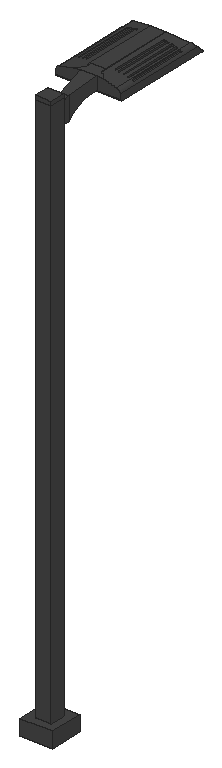
Revit family "ALT96", category Lighting Fixtures, Revit 2014
Parameters (values of type "ALT96")
  Width = 14.00"
  Wattage Comments = "104w"
  Voltage = 120 V
  URL = "https://www.hubbell.com/kimlighting/en"
  Type Comments = "Lighting Fixture"  # constant formula
  Series = "Altitude"  # constant formula
  Product Page URL = "https://www.hubbell.com/kimlighting/en/Products/Lighting-Controls/Commercial-Outdoor-Lighting/Area-Site-Roadway/Altitude/p/248453"
  Product Documentation Link = "https://hubbellcdn.com/specsheet/kl_alt96_spec.pdf"
  Power Factor = 1
  Pole Width = 4.00"
  Pole Height [instance] = 150.00"
  Pole = yes
  Photometric Web Link = "https://www.hubbell.com/kimlighting/en/Products/Lighting-Controls/Commercial-Outdoor-Lighting/Area-Site-Roadway/Altitude/p/248453#prod-photometry-section"
  Photometric Notes = "More IES files download on Photometric Web Link"  # constant formula
  Offset From Pole = 6.12"
  Number of Poles = 1
  Model = "ALT96"
  Manufacturer = "KIM Lighting"  # constant formula
  Light source [instance] = Pole Height - 3.50"  # 146.50"
  Lens = Glass - Hubbell -  Lens
  Lamp = "default"
  LED = Powder Coat-Kim-Platinum Silver
  Fixture Height = 7.50"
  Finish = Plastic - Hubbell - Black
  Description = "The ALTITUDE® is the ultimate in luminaire design innovation with a unique balance of form, engineering and superior optics. The low-profile housing is proportional and scalable with three sizes to cover more pedestrian/site/roadway environments than ever before. The result is an architecturally relevant luminaire of unsurpassed quality and flexibility that maximizes the power and performance."  # constant formula
  Depth = 18.44"
  Color Temperature = 0 K
  Certifications = "UL Listed"
  Center Width = 3.00"
  Assembly Code = "D5020200"
  Apparent Load = 104 VA
Reference planes (in)
  plane 1 "Light Source Axis (F/B)": y = 0
  plane 2: z = 0
  plane 3 "Light Source Axis (L/R)": x = 1.5
  plane 4 "Light Source Elevation": z = 146.5
  plane 5 "Back": y = -15.34
Dimensions and locks (in)
  "Light source": plane 4 "Light Source Elevation" to plane 2
  aligned and locked: nested 1 to plane 3 "Light Source Axis (L/R)"
  aligned and locked: nested 1 to plane 5 "Back"
  aligned and locked: plane 4 "Light Source Elevation" to nested 2
Nested families (in)
  nested 1: "Kim_Lighting-Square_Pole" at (1.5, -17.34, 0) x (-1, 0, 0) z (0, 0, 1), visible <- "Pole", type "Kim_Lighting-Square_Pole"
    with Width 4.00", Height 150.00", Base Cover 8.625"
  nested 2: "ALT" at (0.24657, -15.34, 142.58501) x (-1, 0, 0) z (0, 1, 0), type "ALT"
Connectors (in)
  electrical at (1.5, -15.34, 18), driven by "Power Factor", driven by "Apparent Load", driven by "Apparent Load", driven by "Voltage", driven by "Number of Poles"
    settings: on nested 1, index 1, voltage 120 V, apparent load 104 VA, apparent load phase1 104 VA, apparent load phase2 0 VA, apparent load phase3 0 VA, power factor 1, load classification "Lighting", number of poles 1, system type 30, power factor state 1, is connector primary yes, connector utility no, sub classification motor no, connector description "Lighting Connector"
Definition of nested family "Kim_Lighting-Square_Pole"
  Parameters
    Width = 5.00"
    URL = "http://www.kimlighting.com/"
    Type Comments = "Non-Tapered Pole"
    Model = "Square Pole"  # constant formula
    Manufacturer = "KIM Lighting"  # constant formula
    Height = 240.00"
    Finish = none
    Base Cover = if(Width = 5.00", 12.625", 8.625")  # 12.625"
  Reference planes (in)
    plane 1 "Center (Front/Back)": y = 0
    plane 2: z = 0
    plane 3 "Center (Left/Right)": x = 0
    plane 4 "Front": y = -2.5
    plane 5 "Left": x = -2.5
    plane 6 "Right": x = 2.5
    plane 7 "Back": y = 2.5
    plane 8 "Top": z = 240
    plane 9: x = -6.3125
    plane 10: x = 6.3125
    plane 11: y = 6.3125
    plane 12: y = -6.3125
    plane 13: z = 18
  Forms (in)
    Extrusion 1, solid, material <- "Finish"
      sketch origin (0, 0, 0) x (1, 0, 0) y (0, 1, 0)
        loop
          line (-2.5, -2.5) -> (2.5, -2.5) -> (2.5, 2.5) -> (-2.5, 2.5) -> (-2.5, -2.5)
      from 0 to 240
    Extrusion 2, solid, material <- "Finish", detail levels medium+fine
      sketch origin (0, 0, 0) x (1, 0, 0) y (0, 1, 0)
        loop
          line (-6.3125, -6.3125) -> (6.3125, -6.3125) -> (6.3125, 6.3125) -> (-6.3125, 6.3125) -> (-6.3125, -6.3125)
        loop
          line (-2.5, -2.5) -> (2.5, -2.5) -> (2.5, 2.5) -> (-2.5, 2.5) -> (-2.5, -2.5)
      from 0 to 4
    Extrusion 3, solid, material <- "Finish", detail levels fine
      sketch origin (0, 0, 0) x (1, 0, 0) y (0, 0, 1)
        loop
          line (-1.5, 15) -> (1.5, 15) -> (1.5, 21) -> (-1.5, 21) -> (-1.5, 15)
      from 2.5 to 2.5625
    Extrusion 4, solid, material <- "Finish", detail levels fine
      sketch origin (0, 0, 240) x (-1, 0, 0) y (0, -1, 0)
        loop
          line (2.5625, 2.5625) -> (-2.5625, 2.5625) -> (-2.5625, -2.5625) -> (2.5625, -2.5625) -> (2.5625, 2.5625)
      from 0.10394 to -0.89606
  Lines and regions (in)
    Masking region 1
      outline origin (0, 0, 0) x (1, 0, 0) y (0, 0, 1)
        loop
          line (-2.5, 0) -> (2.5, 0) -> (2.5, 240) -> (-2.5, 240) -> (-2.5, 0)
    Masking region 2, detail levels medium+fine
      outline origin (0, 0, 0) x (1, 0, 0) y (0, 0, 1)
        loop
          line (-6.3125, 0) -> (6.3125, 0) -> (6.3125, 4) -> (-6.3125, 4) -> (-6.3125, 0)
    Masking region 3, detail levels fine
      outline origin (0, 0, 0) x (1, 0, 0) y (0, 0, 1)
        loop
          line (-2.5625, 239.10394) -> (2.5625, 239.10394) -> (2.5625, 240.10394) -> (-2.5625, 240.10394) -> (-2.5625, 239.10394)
    Masking region 4
      outline origin (0, 0, 0) x (0, 1, 0) y (0, 0, 1)
        loop
          line (2.5, 0) -> (2.5, 240) -> (-2.5, 240) -> (-2.5, 0) -> (2.5, 0)
    Masking region 5, detail levels medium+fine
      outline origin (0, 0, 0) x (0, 1, 0) y (0, 0, 1)
        loop
          line (6.3125, 0) -> (6.3125, 4) -> (-6.3125, 4) -> (-6.3125, 0) -> (6.3125, 0)
    Masking region 6, detail levels fine
      outline origin (0, 0, 0) x (0, 1, 0) y (0, 0, 1)
        loop
          line (2.5625, 239.10394) -> (2.5625, 240.10394) -> (-2.5625, 240.10394) -> (-2.5625, 239.10394) -> (2.5625, 239.10394)
    Masking region 7, detail levels medium+fine
      outline origin (0, 0, 0) x (1, 0, 0) y (0, 1, 0)
        loop
          line (-6.3125, -6.3125) -> (6.3125, -6.3125) -> (6.3125, 6.3125) -> (-6.3125, 6.3125) -> (-6.3125, -6.3125)
        loop
          line (-2.5, -2.5) -> (2.5, -2.5) -> (2.5, 2.5) -> (-2.5, 2.5) -> (-2.5, -2.5)
    Masking region 8
      outline origin (0, 0, 0) x (1, 0, 0) y (0, 1, 0)
        loop
          line (-2.5, -2.5) -> (2.5, -2.5) -> (2.5, 2.5) -> (-2.5, 2.5) -> (-2.5, -2.5)
    symbolic lines, detail levels fine
      curve 1: line (-1.5, 0, 15) -> (1.5, 0, 15)
      curve 2: line (-1.5, 0, 21) -> (-1.5, 0, 15)
      curve 3: line (1.5, 0, 21) -> (-1.5, 0, 21)
      curve 4: line (1.5, 0, 15) -> (1.5, 0, 21)
  Dimensions and locks (in)
    equal spacing: plane 7 "Back", plane 1 "Center (Front/Back)", plane 4 "Front"
    equal spacing: plane 5 "Left", plane 3 "Center (Left/Right)", plane 6 "Right"
    "Width": plane 7 "Back" to plane 4 "Front"
    "Width": plane 5 "Left" to plane 6 "Right"
    plane 3 "Center (Left/Right)" to Extrusion 1 = 2.50"
    "Height": plane 8 "Top" to level
    equal spacing: plane 11, plane 1 "Center (Front/Back)", plane 12
    "Base Cover": plane 11 to plane 12
    equal spacing: plane 9, plane 3 "Center (Left/Right)", plane 10
    "Base Cover": plane 9 to plane 10
    locked: Extrusion 2 to level at 4
    locked: plane 13 to level at 18
    Extrusion 3 sketch curve to plane 13 to Extrusion 3 sketch curve = 3.00" locked, 3.00" locked
    Extrusion 3 sketch curve to plane 3 "Center (Left/Right)" to Extrusion 3 sketch curve = 1.50" locked, 1.50" locked
    locked: plane 4 "Front" to Extrusion 3 at 0.0625
    Extrusion 4 to plane 8 "Top" to Extrusion 4 = 0.10394" locked, 0.89606" locked
    aligned and locked: plane 5 "Left" to Extrusion 1 sketch curve
    aligned and locked: Extrusion 1 sketch curve to plane 4 "Front"
    aligned and locked: plane 7 "Back" to Extrusion 1 sketch curve
    aligned and locked: Extrusion 1 sketch curve to plane 6 "Right"
    aligned and locked: plane 8 "Top" to Extrusion 1
    aligned and locked: plane 9 to Extrusion 2 sketch curve
    aligned and locked: Extrusion 2 sketch curve to plane 12
    aligned and locked: plane 11 to Extrusion 2 sketch curve
    aligned and locked: Extrusion 2 sketch curve to plane 10
    aligned and locked: Extrusion 1 to Extrusion 2 sketch curve
    aligned and locked: Extrusion 2 sketch curve to Extrusion 1  (x3)
    aligned and locked: plane 4 "Front" to Extrusion 3
    aligned: plane 8 "Top" to Extrusion 4
    aligned and locked: Masking region 1 sketch curve to Extrusion 1  (x2)
    aligned and locked: plane 8 "Top" to Masking region 1 sketch curve
    aligned and locked: Masking region 1 sketch curve to plane 6 "Right"
    aligned and locked: Masking region 2 sketch curve to Extrusion 2  (x2)
    aligned and locked: Extrusion 2 to Masking region 2 sketch curve
    aligned and locked: Masking region 2 sketch curve to plane 10
    aligned and locked: Extrusion 3 to curve 1
    aligned and locked: curve 1 to Extrusion 3
    aligned and locked: curve 4 to Extrusion 3  (x2)
    aligned and locked: Masking region 3 sketch curve to Extrusion 4  (x3)
    aligned and locked: Extrusion 4 to Masking region 3 sketch curve
    aligned and locked: Masking region 4 sketch curve to Extrusion 1  (x3)
    aligned and locked: Extrusion 1 to Masking region 4 sketch curve
    aligned and locked: Masking region 5 sketch curve to Extrusion 2  (x3)
    aligned and locked: Extrusion 2 to Masking region 5 sketch curve
    aligned and locked: Masking region 6 sketch curve to Extrusion 4  (x3)
    aligned and locked: Extrusion 4 to Masking region 6 sketch curve
    aligned and locked: Extrusion 2 to Masking region 7 sketch curve
    aligned and locked: Masking region 7 sketch curve to Extrusion 2  (x3)
    aligned and locked: Extrusion 1 to Masking region 8 sketch curve
    aligned and locked: Masking region 8 sketch curve to Extrusion 1  (x3)
    aligned and locked: Extrusion 1 to Masking region 7 sketch curve
    aligned and locked: Masking region 7 sketch curve to Extrusion 1  (x3)
  Automatic sketch dimensions
    Extrusion 4 sketch curve to plane 6 "Right" = 0.0625"
    plane 5 "Left" to Extrusion 4 sketch curve = 0.0625"
    plane 7 "Back" to Extrusion 4 sketch curve = 0.0625"
    Extrusion 4 sketch curve to plane 4 "Front" = 0.0625"
Definition of nested family "ALT"
  Parameters (values of type "ALT")
    Wattage Comments = "70W"
    Wattage = 118 W
    built-in parameter 1150110 = 1 (stored number, unit not read)
    Voltage = 120 V
    URL = "http://www.kimlighting.com/"
    built-in parameter 1114217 = 1 (stored number, unit not read)
    Tilt Angle = 0.00°
    built-in parameter 1150109 = 1 (stored number, unit not read)
    built-in parameter 1150134 = 3
    built-in parameter 1150113 = 1 (stored number, unit not read)
    Product Page URL = "http://www.kimlighting.com/products/altitude/"
    Product Documentation Link = "http://cdn.kimlighting.com/content/products/psg/psg_files/kim_alt_psg.pdf"
    Photometric Web File = "ALT1P35-96L4K.ies"
    Model = "ALT"  # constant formula
    Manufacturer = "Kim Lighting"  # constant formula
    built-in parameter 1150105 = 976.57 (stored number, unit not read)
    Lumens = 12272 lm
    built-in parameter 1150115 = 1 (stored number, unit not read)
    Load Classification = Lighting
    built-in parameter 1150137 = (empty or 0)
    built-in parameter 1150139 = (empty or 0)
    built-in parameter 1150112 = 1 (stored number, unit not read)
    built-in parameter 1150114 = 1 (stored number, unit not read)
    Lamp = " 60 LEDs"  # constant formula
    LED Driver = none
    built-in parameter 1150132 = (empty or 0)
    built-in parameter 1150102 = (empty or 0)
    built-in parameter 1150107 = 3200 (stored number, unit not read)
    built-in parameter 1150138 = (empty or 0)
    built-in parameter 1150106 = 9.7657 (stored number, unit not read)
    Glass Material = Glass - Hubbell -  Lens
    Glass = Glass - Hubbell -  Lens
    built-in parameter 1150104 = 9.6619 (stored number, unit not read)
    Dimming Lamp Color Temperature Shift = (empty or 0)
    Description = "The ultimate in LED luminaire design featuring innovative engineering, thermal management and unique patented1 PicoPrism optics"  # constant formula
    Default Elevation = 48.00"
    Connector Description = "Lighting"  # constant formula
    Color Filter = 16777215
    built-in parameter 1114218 = 1 (stored number, unit not read)
    Backbox = Plastic - Hubbell - Black
    built-in parameter 1150133 = 10 (stored number, unit not read)
    Apparent Load = 0 VA
  Reference planes (in)
    plane 1 "Center (Front/Back)": y = 0.03999
    plane 2: z = 0
    plane 3 "Center (Left/Right)": x = -2.04767
    plane 4: y = 3.91499
    plane 5: y = 8.03999
    plane 6: z = 2
    plane 7: z = 9.75
    plane 8: x = 6.45233
    plane 9: x = -10.54767
    plane 10: x = -9.54767
    plane 11: x = 5.45233
    plane 12: y = 4.41499
    plane 13: z = 21.375
    plane 14: z = 36.5
  Forms (in)
    Extrusion 1, solid
      sketch origin (0, 0, 0.06357) x (1, 0, 0) y (0, 1, 0)
        loop
          line (-48, 48) -> (-48, -48) -> (44.30817, -48) -> (44.30817, 48) -> (-48, 48)
      from -0.06357 to -6.74357
    Extrusion 2, solid, material "Plastic - Hubbell - Black" <- "Backbox"
      sketch origin (-2.04767, 0, 0) x (0, 1, 0) y (0, 0, 1)
        loop
          line (3.91499, 10.1309) -> (4.2959, 9.75) -> (7.67966, 9.75)
          arc (7.67966, 9.75) -> (7.87824, 11.2487) -> (8.038, 12.75203) r 58.45778
          line (8.038, 12.75203) -> (8.038, 32.5738) -> (4.21269, 36.40109)
          arc (4.21269, 36.40109) -> (4.02265, 36.43893) -> (3.91499, 36.27783) r 0.17437
          line (3.91499, 36.27783) -> (3.91499, 10.1309)
      from -8.5 to 8.5
    Extrusion 3, solid, material "Plastic - Hubbell - Black" <- "Backbox"
      sketch origin (-2.04767, 0, 0) x (0, 1, 0) y (0, 0, 1)
        loop
          arc (6.00731, 2) -> (6.97503, 5.84662) -> (7.67966, 9.75) r 58.45778
          line (7.67966, 9.75) -> (4.2959, 9.75)
          arc (4.2959, 9.75) -> (2.99944, 5.41838) -> (0.03999, 2) r 10.77544
          line (0.03999, 2) -> (6.00731, 2)
      from -8.5 to 8.5
    Extrusion 4, solid, material "Plastic - Hubbell - Black" <- "Backbox"
      sketch origin (-2.04767, 0, 0) x (0, 1, 0) y (0, 0, 1)
        loop
          arc (5.39238, 0) -> (5.7088, 0.99725) -> (6.00731, 2) r 58.45778
          line (6.00731, 2) -> (0.03999, 2) -> (0.03999, 0) -> (5.39238, 0)
      from -8.5 to 8.5
    Extrusion 5, void
      sketch origin (0, 0.03999, 0) x (1, 0, 0) y (0, 0, 1)
        loop
          line (0.04152, 9.75) -> (-1.04767, 2) -> (-1.04767, 0) -> (6.45233, 0) -> (6.45233, 9.75) -> (0.04152, 9.75)
        loop
          line (-4.13686, 9.75) -> (-10.54767, 9.75) -> (-10.54767, 0) -> (-3.04767, 0) -> (-3.04767, 2) -> (-4.13686, 9.75)
      from -8 to 0
    Extrusion 6, void
      sketch origin (0, 0, 0) x (1, 0, 0) y (0, 1, 0)
        loop
          line (-4.04767, 8.038) -> (-10.54767, 8.038) -> (-10.54767, 5.675)
          arc (-10.54767, 5.675) -> (-10.1797, 6.43107) -> (-9.4648, 6.87375) r 1.51236
          arc (-9.4648, 6.87375) -> (-6.7777, 7.50774) -> (-4.04767, 7.91937) r 33.65722
          line (-4.04767, 7.91937) -> (-4.04767, 8.038)
        loop
          line (-0.04767, 8.038) -> (-0.04767, 7.91937)
          arc (-0.04767, 7.91937) -> (2.68236, 7.50774) -> (5.36946, 6.87375) r 33.65722
          arc (5.36946, 6.87375) -> (6.08435, 6.43107) -> (6.45233, 5.675) r 1.51236
          line (6.45233, 5.675) -> (6.45233, 8.038) -> (-0.04767, 8.038)
      from 9.75 to 36.51226
    Extrusion 7, void
      sketch origin (0, 0.03999, 0) x (1, 0, 0) y (0, 0, 1)
        loop
          line (5.45233, 29) -> (-9.54767, 29) -> (-9.54767, 17.00203) -> (5.45233, 17.00203) -> (5.45233, 29)
      from -5.63501 to -3.875
    Extrusion 8, solid, material "Glass - Hubbell -  Lens" <- "Glass"
      sketch origin (-2.04767, 0, 0) x (0, 1, 0) y (0, 0, 1)
        loop
          line (3.91499, 17.00203) -> (4.41499, 17.00203) -> (4.41499, 29) -> (3.91499, 29) -> (3.91499, 17.00203)
      from -7.5 to 7.5
    Extrusion 9, void
      sketch origin (-1.66774, 0.40583, 0) x (0.98729, -0.158926, 0) y (0, 0, 1)
        loop
          line (3.6681, 30.15381) -> (3.1681, 30.15381) -> (3.1681, 14.40381) -> (3.6681, 14.40381) -> (3.6681, 30.15381)
        loop
          line (4.7931, 30.15381) -> (4.2931, 30.15381) -> (4.2931, 14.40381) -> (4.7931, 14.40381) -> (4.7931, 30.15381)
        loop
          line (6.0431, 30.15381) -> (5.5431, 30.15381) -> (5.5431, 14.40381) -> (6.0431, 14.40381) -> (6.0431, 30.15381)
        loop
          line (7.1681, 30.15381) -> (6.6681, 30.15381) -> (6.6681, 14.40381) -> (7.1681, 14.40381) -> (7.1681, 30.15381)
        loop
          line (2.6681, 30.15381) -> (2.1681, 30.15381) -> (2.1681, 14.40381) -> (2.6681, 14.40381) -> (2.6681, 30.15381)
      from -7.99801 to -7.24417
    Extrusion 10, void
      sketch origin (-2.4276, 0.40583, 0) x (-0.98729, -0.158926, 0) y (0, 0, -1)
        loop
          line (3.2306, -30.15381) -> (3.2306, -14.40381) -> (2.7306, -14.40381) -> (2.7306, -30.15381) -> (3.2306, -30.15381)
        loop
          line (4.3556, -30.15381) -> (4.3556, -14.40381) -> (3.8556, -14.40381) -> (3.8556, -30.15381) -> (4.3556, -30.15381)
        loop
          line (5.6056, -30.15381) -> (5.6056, -14.40381) -> (5.1056, -14.40381) -> (5.1056, -30.15381) -> (5.6056, -30.15381)
        loop
          line (6.7306, -30.15381) -> (6.7306, -14.40381) -> (6.2306, -14.40381) -> (6.2306, -30.15381) -> (6.7306, -30.15381)
        loop
          line (2.2306, -30.15381) -> (2.2306, -14.40381) -> (1.7306, -14.40381) -> (1.7306, -30.15381) -> (2.2306, -30.15381)
      from -7.99801 to -7.24417
    Extrusion 11, solid, material <- "LED Driver"
      sketch origin (2.97397, -179.89764, 24.01642) x (0, 0, -1) y (0, -1, 0)
        loop
          line (6.05585, -185.56694) -> (7.01439, -185.56694)
          arc (7.01439, -185.56694) -> (6.96846, -185.03619) -> (6.75322, -184.54888) r 1.62363
          line (6.75322, -184.54888) -> (5.5006, -184.54888)
          arc (5.5006, -184.54888) -> (5.87786, -185.00357) -> (6.05585, -185.56694) r 1.53777
      from 1.98786 to 4.1619
    Extrusion 12, solid, material "Glass - Hubbell -  Lens" <- "Glass Material"
      sketch origin (-4.59746, -172.92664, 69.64877) x (-0.000372, 0.978148, -0.207911) y (-0.999998, 0, 0.001789)
        loop
          line (184.54888, -5.42074) -> (184.54888, -4.67074) -> (184.41762, -4.80201) -> (184.32071, -4.70511)
          arc (184.32071, -4.70511) -> (184.26716, -5.04574) -> (184.32071, -5.38637) r 1.11021
          line (184.32071, -5.38637) -> (184.41762, -5.28947) -> (184.54888, -5.42074)
        loop
          line (184.54888, -3.8381) -> (184.41038, -3.9766) -> (184.30814, -3.87436)
          arc (184.30814, -3.87436) -> (184.25164, -4.23376) -> (184.30814, -4.59316) r 1.17138
          line (184.30814, -4.59316) -> (184.41038, -4.49092) -> (184.54888, -4.62942) -> (184.54888, -3.8381)
      from -14.15361 to -13.40215
    Extrusion 13, solid, material <- "LED Driver"
      sketch origin (5.398, -179.89764, 24.01642) x (0, 0, -1) y (0, -1, 0)
        loop
          line (6.05585, -185.56694) -> (7.01439, -185.56694)
          arc (7.01439, -185.56694) -> (6.96846, -185.03619) -> (6.75322, -184.54888) r 1.62363
          line (6.75322, -184.54888) -> (5.5006, -184.54888)
          arc (5.5006, -184.54888) -> (5.87786, -185.00357) -> (6.05585, -185.56694) r 1.53777
      from 1.98786 to 4.1619
    Extrusion 14, solid, material "Glass - Hubbell -  Lens" <- "Glass Material"
      sketch origin (-2.17342, -172.92664, 69.64877) x (-0.000372, 0.978148, -0.207911) y (-0.999998, 0, 0.001789)
        loop
          line (184.54888, -5.42074) -> (184.54888, -4.67074) -> (184.41762, -4.80201) -> (184.32071, -4.70511)
          arc (184.32071, -4.70511) -> (184.26716, -5.04574) -> (184.32071, -5.38637) r 1.11021
          line (184.32071, -5.38637) -> (184.41762, -5.28947) -> (184.54888, -5.42074)
        loop
          line (184.54888, -3.8381) -> (184.41038, -3.9766) -> (184.30814, -3.87436)
          arc (184.30814, -3.87436) -> (184.25164, -4.23376) -> (184.30814, -4.59316) r 1.17138
          line (184.30814, -4.59316) -> (184.41038, -4.49092) -> (184.54888, -4.62942) -> (184.54888, -3.8381)
      from -14.15361 to -13.40215
    Extrusion 15, solid, material <- "LED Driver"
      sketch origin (-3.98262, -179.89764, 25.8006) x (0.866025, 0, -0.5) y (0, -1, 0)
        loop
          line (6.05585, -185.56694) -> (7.01439, -185.56694)
          arc (7.01439, -185.56694) -> (6.96846, -185.03619) -> (6.75322, -184.54888) r 1.62363
          line (6.75322, -184.54888) -> (5.5006, -184.54888)
          arc (5.5006, -184.54888) -> (5.87786, -185.00357) -> (6.05585, -185.56694) r 1.53777
      from 1.98786 to 4.1619
    Extrusion 16, solid, material "Glass - Hubbell -  Lens" <- "Glass Material"
      sketch origin (-47.28711, -172.92664, 42.05973) x (0.179871, 0.978148, -0.104278) y (-0.501549, 0, -0.865129)
        loop
          line (184.54888, -5.42074) -> (184.54888, -4.67074) -> (184.41762, -4.80201) -> (184.32071, -4.70511)
          arc (184.32071, -4.70511) -> (184.26716, -5.04574) -> (184.32071, -5.38637) r 1.11021
          line (184.32071, -5.38637) -> (184.41762, -5.28947) -> (184.54888, -5.42074)
        loop
          line (184.54888, -3.8381) -> (184.41038, -3.9766) -> (184.30814, -3.87436)
          arc (184.30814, -3.87436) -> (184.25164, -4.23376) -> (184.30814, -4.59316) r 1.17138
          line (184.30814, -4.59316) -> (184.41038, -4.49092) -> (184.54888, -4.62942) -> (184.54888, -3.8381)
      from -14.15361 to -13.40215
    Extrusion 17, solid, material <- "LED Driver"
      sketch origin (-3.01782, -179.89764, 27.90086) x (0.866025, 0, -0.5) y (0, -1, 0)
        loop
          line (6.05585, -185.56694) -> (7.01439, -185.56694)
          arc (7.01439, -185.56694) -> (6.96846, -185.03619) -> (6.75322, -184.54888) r 1.62363
          line (6.75322, -184.54888) -> (5.5006, -184.54888)
          arc (5.5006, -184.54888) -> (5.87786, -185.00357) -> (6.05585, -185.56694) r 1.53777
      from 1.98786 to 4.1619
    Extrusion 18, solid, material "Glass - Hubbell -  Lens" <- "Glass Material"
      sketch origin (-46.32231, -172.92664, 44.15999) x (0.179871, 0.978148, -0.104278) y (-0.501549, 0, -0.865129)
        loop
          line (184.54888, -5.42074) -> (184.54888, -4.67074) -> (184.41762, -4.80201) -> (184.32071, -4.70511)
          arc (184.32071, -4.70511) -> (184.26716, -5.04574) -> (184.32071, -5.38637) r 1.11021
          line (184.32071, -5.38637) -> (184.41762, -5.28947) -> (184.54888, -5.42074)
        loop
          line (184.54888, -3.8381) -> (184.41038, -3.9766) -> (184.30814, -3.87436)
          arc (184.30814, -3.87436) -> (184.25164, -4.23376) -> (184.30814, -4.59316) r 1.17138
          line (184.30814, -4.59316) -> (184.41038, -4.49092) -> (184.54888, -4.62942) -> (184.54888, -3.8381)
      from -14.15361 to -13.40215
    Extrusion 19, solid, material <- "LED Driver"
      sketch origin (-1.51501, -179.89764, 27.01646) x (0.866025, 0, -0.5) y (0, -1, 0)
        loop
          line (6.05585, -185.56694) -> (7.01439, -185.56694)
          arc (7.01439, -185.56694) -> (6.96846, -185.03619) -> (6.75322, -184.54888) r 1.62363
          line (6.75322, -184.54888) -> (5.5006, -184.54888)
          arc (5.5006, -184.54888) -> (5.87786, -185.00357) -> (6.05585, -185.56694) r 1.53777
      from 1.98786 to 4.1619
    Extrusion 20, solid, material "Glass - Hubbell -  Lens" <- "Glass Material"
      sketch origin (-44.8195, -172.92664, 43.27559) x (0.179871, 0.978148, -0.104278) y (-0.501549, 0, -0.865129)
        loop
          line (184.54888, -5.42074) -> (184.54888, -4.67074) -> (184.41762, -4.80201) -> (184.32071, -4.70511)
          arc (184.32071, -4.70511) -> (184.26716, -5.04574) -> (184.32071, -5.38637) r 1.11021
          line (184.32071, -5.38637) -> (184.41762, -5.28947) -> (184.54888, -5.42074)
        loop
          line (184.54888, -3.8381) -> (184.41038, -3.9766) -> (184.30814, -3.87436)
          arc (184.30814, -3.87436) -> (184.25164, -4.23376) -> (184.30814, -4.59316) r 1.17138
          line (184.30814, -4.59316) -> (184.41038, -4.49092) -> (184.54888, -4.62942) -> (184.54888, -3.8381)
      from -14.15361 to -13.40215
    Extrusion 21, solid, material <- "LED Driver"
      sketch origin (-0.0122, -179.89764, 26.13207) x (0.866025, 0, -0.5) y (0, -1, 0)
        loop
          line (6.05585, -185.56694) -> (7.01439, -185.56694)
          arc (7.01439, -185.56694) -> (6.96846, -185.03619) -> (6.75322, -184.54888) r 1.62363
          line (6.75322, -184.54888) -> (5.5006, -184.54888)
          arc (5.5006, -184.54888) -> (5.87786, -185.00357) -> (6.05585, -185.56694) r 1.53777
      from 1.98786 to 4.1619
    Extrusion 22, solid, material "Glass - Hubbell -  Lens" <- "Glass Material"
      sketch origin (-43.31669, -172.92664, 42.3912) x (0.179871, 0.978148, -0.104278) y (-0.501549, 0, -0.865129)
        loop
          line (184.54888, -5.42074) -> (184.54888, -4.67074) -> (184.41762, -4.80201) -> (184.32071, -4.70511)
          arc (184.32071, -4.70511) -> (184.26716, -5.04574) -> (184.32071, -5.38637) r 1.11021
          line (184.32071, -5.38637) -> (184.41762, -5.28947) -> (184.54888, -5.42074)
        loop
          line (184.54888, -3.8381) -> (184.41038, -3.9766) -> (184.30814, -3.87436)
          arc (184.30814, -3.87436) -> (184.25164, -4.23376) -> (184.30814, -4.59316) r 1.17138
          line (184.30814, -4.59316) -> (184.41038, -4.49092) -> (184.54888, -4.62942) -> (184.54888, -3.8381)
      from -14.15361 to -13.40215
    Extrusion 23, solid, material <- "LED Driver"
      sketch origin (-2.76782, -179.89764, 30.52586) x (0.866025, 0, -0.5) y (0, -1, 0)
        loop
          line (6.05585, -185.56694) -> (7.01439, -185.56694)
          arc (7.01439, -185.56694) -> (6.96846, -185.03619) -> (6.75322, -184.54888) r 1.62363
          line (6.75322, -184.54888) -> (5.5006, -184.54888)
          arc (5.5006, -184.54888) -> (5.87786, -185.00357) -> (6.05585, -185.56694) r 1.53777
      from 1.98786 to 4.1619
    Extrusion 24, solid, material "Glass - Hubbell -  Lens" <- "Glass Material"
      sketch origin (-46.07231, -172.92664, 46.78499) x (0.179871, 0.978148, -0.104278) y (-0.501549, 0, -0.865129)
        loop
          line (184.54888, -5.42074) -> (184.54888, -4.67074) -> (184.41762, -4.80201) -> (184.32071, -4.70511)
          arc (184.32071, -4.70511) -> (184.26716, -5.04574) -> (184.32071, -5.38637) r 1.11021
          line (184.32071, -5.38637) -> (184.41762, -5.28947) -> (184.54888, -5.42074)
        loop
          line (184.54888, -3.8381) -> (184.41038, -3.9766) -> (184.30814, -3.87436)
          arc (184.30814, -3.87436) -> (184.25164, -4.23376) -> (184.30814, -4.59316) r 1.17138
          line (184.30814, -4.59316) -> (184.41038, -4.49092) -> (184.54888, -4.62942) -> (184.54888, -3.8381)
      from -14.15361 to -13.40215
    Extrusion 25, solid, material <- "LED Driver"
      sketch origin (-1.26501, -179.89764, 29.64146) x (0.866025, 0, -0.5) y (0, -1, 0)
        loop
          line (6.05585, -185.56694) -> (7.01439, -185.56694)
          arc (7.01439, -185.56694) -> (6.96846, -185.03619) -> (6.75322, -184.54888) r 1.62363
          line (6.75322, -184.54888) -> (5.5006, -184.54888)
          arc (5.5006, -184.54888) -> (5.87786, -185.00357) -> (6.05585, -185.56694) r 1.53777
      from 1.98786 to 4.1619
    Extrusion 26, solid, material "Glass - Hubbell -  Lens" <- "Glass Material"
      sketch origin (-44.5695, -172.92664, 45.90059) x (0.179871, 0.978148, -0.104278) y (-0.501549, 0, -0.865129)
        loop
          line (184.54888, -5.42074) -> (184.54888, -4.67074) -> (184.41762, -4.80201) -> (184.32071, -4.70511)
          arc (184.32071, -4.70511) -> (184.26716, -5.04574) -> (184.32071, -5.38637) r 1.11021
          line (184.32071, -5.38637) -> (184.41762, -5.28947) -> (184.54888, -5.42074)
        loop
          line (184.54888, -3.8381) -> (184.41038, -3.9766) -> (184.30814, -3.87436)
          arc (184.30814, -3.87436) -> (184.25164, -4.23376) -> (184.30814, -4.59316) r 1.17138
          line (184.30814, -4.59316) -> (184.41038, -4.49092) -> (184.54888, -4.62942) -> (184.54888, -3.8381)
      from -14.15361 to -13.40215
    Extrusion 27, solid, material <- "LED Driver"
      sketch origin (0.2378, -179.89764, 28.75707) x (0.866025, 0, -0.5) y (0, -1, 0)
        loop
          line (6.05585, -185.56694) -> (7.01439, -185.56694)
          arc (7.01439, -185.56694) -> (6.96846, -185.03619) -> (6.75322, -184.54888) r 1.62363
          line (6.75322, -184.54888) -> (5.5006, -184.54888)
          arc (5.5006, -184.54888) -> (5.87786, -185.00357) -> (6.05585, -185.56694) r 1.53777
      from 1.98786 to 4.1619
    Extrusion 28, solid, material "Glass - Hubbell -  Lens" <- "Glass Material"
      sketch origin (-43.06669, -172.92664, 45.0162) x (0.179871, 0.978148, -0.104278) y (-0.501549, 0, -0.865129)
        loop
          line (184.54888, -5.42074) -> (184.54888, -4.67074) -> (184.41762, -4.80201) -> (184.32071, -4.70511)
          arc (184.32071, -4.70511) -> (184.26716, -5.04574) -> (184.32071, -5.38637) r 1.11021
          line (184.32071, -5.38637) -> (184.41762, -5.28947) -> (184.54888, -5.42074)
        loop
          line (184.54888, -3.8381) -> (184.41038, -3.9766) -> (184.30814, -3.87436)
          arc (184.30814, -3.87436) -> (184.25164, -4.23376) -> (184.30814, -4.59316) r 1.17138
          line (184.30814, -4.59316) -> (184.41038, -4.49092) -> (184.54888, -4.62942) -> (184.54888, -3.8381)
      from -14.15361 to -13.40215
    Extrusion 29, solid, material <- "LED Driver"
      sketch origin (-2.76782, -179.89764, 33.27586) x (0.866025, 0, -0.5) y (0, -1, 0)
        loop
          line (6.05585, -185.56694) -> (7.01439, -185.56694)
          arc (7.01439, -185.56694) -> (6.96846, -185.03619) -> (6.75322, -184.54888) r 1.62363
          line (6.75322, -184.54888) -> (5.5006, -184.54888)
          arc (5.5006, -184.54888) -> (5.87786, -185.00357) -> (6.05585, -185.56694) r 1.53777
      from 1.98786 to 4.1619
    Extrusion 30, solid, material "Glass - Hubbell -  Lens" <- "Glass Material"
      sketch origin (-46.07231, -172.92664, 49.53499) x (0.179871, 0.978148, -0.104278) y (-0.501549, 0, -0.865129)
        loop
          line (184.54888, -5.42074) -> (184.54888, -4.67074) -> (184.41762, -4.80201) -> (184.32071, -4.70511)
          arc (184.32071, -4.70511) -> (184.26716, -5.04574) -> (184.32071, -5.38637) r 1.11021
          line (184.32071, -5.38637) -> (184.41762, -5.28947) -> (184.54888, -5.42074)
        loop
          line (184.54888, -3.8381) -> (184.41038, -3.9766) -> (184.30814, -3.87436)
          arc (184.30814, -3.87436) -> (184.25164, -4.23376) -> (184.30814, -4.59316) r 1.17138
          line (184.30814, -4.59316) -> (184.41038, -4.49092) -> (184.54888, -4.62942) -> (184.54888, -3.8381)
      from -14.15361 to -13.40215
    Extrusion 31, solid, material <- "LED Driver"
      sketch origin (-1.26501, -179.89764, 32.39146) x (0.866025, 0, -0.5) y (0, -1, 0)
        loop
          line (6.05585, -185.56694) -> (7.01439, -185.56694)
          arc (7.01439, -185.56694) -> (6.96846, -185.03619) -> (6.75322, -184.54888) r 1.62363
          line (6.75322, -184.54888) -> (5.5006, -184.54888)
          arc (5.5006, -184.54888) -> (5.87786, -185.00357) -> (6.05585, -185.56694) r 1.53777
      from 1.98786 to 4.1619
    Extrusion 32, solid, material "Glass - Hubbell -  Lens" <- "Glass Material"
      sketch origin (-44.5695, -172.92664, 48.65059) x (0.179871, 0.978148, -0.104278) y (-0.501549, 0, -0.865129)
        loop
          line (184.54888, -5.42074) -> (184.54888, -4.67074) -> (184.41762, -4.80201) -> (184.32071, -4.70511)
          arc (184.32071, -4.70511) -> (184.26716, -5.04574) -> (184.32071, -5.38637) r 1.11021
          line (184.32071, -5.38637) -> (184.41762, -5.28947) -> (184.54888, -5.42074)
        loop
          line (184.54888, -3.8381) -> (184.41038, -3.9766) -> (184.30814, -3.87436)
          arc (184.30814, -3.87436) -> (184.25164, -4.23376) -> (184.30814, -4.59316) r 1.17138
          line (184.30814, -4.59316) -> (184.41038, -4.49092) -> (184.54888, -4.62942) -> (184.54888, -3.8381)
      from -14.15361 to -13.40215
    Extrusion 33, solid, material <- "LED Driver"
      sketch origin (0.2378, -179.89764, 31.50707) x (0.866025, 0, -0.5) y (0, -1, 0)
        loop
          line (6.05585, -185.56694) -> (7.01439, -185.56694)
          arc (7.01439, -185.56694) -> (6.96846, -185.03619) -> (6.75322, -184.54888) r 1.62363
          line (6.75322, -184.54888) -> (5.5006, -184.54888)
          arc (5.5006, -184.54888) -> (5.87786, -185.00357) -> (6.05585, -185.56694) r 1.53777
      from 1.98786 to 4.1619
    Extrusion 34, solid, material "Glass - Hubbell -  Lens" <- "Glass Material"
      sketch origin (-43.06669, -172.92664, 47.7662) x (0.179871, 0.978148, -0.104278) y (-0.501549, 0, -0.865129)
        loop
          line (184.54888, -5.42074) -> (184.54888, -4.67074) -> (184.41762, -4.80201) -> (184.32071, -4.70511)
          arc (184.32071, -4.70511) -> (184.26716, -5.04574) -> (184.32071, -5.38637) r 1.11021
          line (184.32071, -5.38637) -> (184.41762, -5.28947) -> (184.54888, -5.42074)
        loop
          line (184.54888, -3.8381) -> (184.41038, -3.9766) -> (184.30814, -3.87436)
          arc (184.30814, -3.87436) -> (184.25164, -4.23376) -> (184.30814, -4.59316) r 1.17138
          line (184.30814, -4.59316) -> (184.41038, -4.49092) -> (184.54888, -4.62942) -> (184.54888, -3.8381)
      from -14.15361 to -13.40215
    Extrusion 35, solid, material <- "LED Driver"
      sketch origin (-7.06931, -179.89764, 24.01642) x (0, 0, -1) y (0, 1, 0)
        loop
          arc (6.05585, 185.56694) -> (5.87786, 185.00357) -> (5.5006, 184.54888) r 1.53777
          line (5.5006, 184.54888) -> (6.75322, 184.54888)
          arc (6.75322, 184.54888) -> (6.96846, 185.03619) -> (7.01439, 185.56694) r 1.62363
          line (7.01439, 185.56694) -> (6.05585, 185.56694)
      from 1.98786 to 4.1619
    Extrusion 36, solid, material "Glass - Hubbell -  Lens" <- "Glass Material"
      sketch origin (0.50212, -172.92664, 69.64877) x (0.000372, 0.978148, -0.207911) y (-0.999998, 0, -0.001789)
        loop
          line (184.54888, 5.42074) -> (184.41762, 5.28947) -> (184.32071, 5.38637)
          arc (184.32071, 5.38637) -> (184.26716, 5.04574) -> (184.32071, 4.70511) r 1.11021
          line (184.32071, 4.70511) -> (184.41762, 4.80201) -> (184.54888, 4.67074) -> (184.54888, 5.42074)
        loop
          line (184.54888, 3.8381) -> (184.54888, 4.62942) -> (184.41038, 4.49092) -> (184.30814, 4.59316)
          arc (184.30814, 4.59316) -> (184.25164, 4.23376) -> (184.30814, 3.87436) r 1.17138
          line (184.30814, 3.87436) -> (184.41038, 3.9766) -> (184.54888, 3.8381)
      from -14.15361 to -13.40215
    Extrusion 37, solid, material <- "LED Driver"
      sketch origin (-9.49334, -179.89764, 24.01642) x (0, 0, -1) y (0, 1, 0)
        loop
          arc (6.05585, 185.56694) -> (5.87786, 185.00357) -> (5.5006, 184.54888) r 1.53777
          line (5.5006, 184.54888) -> (6.75322, 184.54888)
          arc (6.75322, 184.54888) -> (6.96846, 185.03619) -> (7.01439, 185.56694) r 1.62363
          line (7.01439, 185.56694) -> (6.05585, 185.56694)
      from 1.98786 to 4.1619
    Extrusion 38, solid, material "Glass - Hubbell -  Lens" <- "Glass Material"
      sketch origin (-1.92192, -172.92664, 69.64877) x (0.000372, 0.978148, -0.207911) y (-0.999998, 0, -0.001789)
        loop
          line (184.54888, 5.42074) -> (184.41762, 5.28947) -> (184.32071, 5.38637)
          arc (184.32071, 5.38637) -> (184.26716, 5.04574) -> (184.32071, 4.70511) r 1.11021
          line (184.32071, 4.70511) -> (184.41762, 4.80201) -> (184.54888, 4.67074) -> (184.54888, 5.42074)
        loop
          line (184.54888, 3.8381) -> (184.54888, 4.62942) -> (184.41038, 4.49092) -> (184.30814, 4.59316)
          arc (184.30814, 4.59316) -> (184.25164, 4.23376) -> (184.30814, 3.87436) r 1.17138
          line (184.30814, 3.87436) -> (184.41038, 3.9766) -> (184.54888, 3.8381)
      from -14.15361 to -13.40215
    Extrusion 39, solid, material <- "LED Driver"
      sketch origin (-0.11272, -179.89764, 25.8006) x (-0.866025, 0, -0.5) y (0, 1, 0)
        loop
          arc (6.05585, 185.56694) -> (5.87786, 185.00357) -> (5.5006, 184.54888) r 1.53777
          line (5.5006, 184.54888) -> (6.75322, 184.54888)
          arc (6.75322, 184.54888) -> (6.96846, 185.03619) -> (7.01439, 185.56694) r 1.62363
          line (7.01439, 185.56694) -> (6.05585, 185.56694)
      from 1.98786 to 4.1619
    Extrusion 40, solid, material "Glass - Hubbell -  Lens" <- "Glass Material"
      sketch origin (43.19177, -172.92664, 42.05973) x (-0.179871, 0.978148, -0.104278) y (-0.501549, 0, 0.865129)
        loop
          line (184.54888, 5.42074) -> (184.41762, 5.28947) -> (184.32071, 5.38637)
          arc (184.32071, 5.38637) -> (184.26716, 5.04574) -> (184.32071, 4.70511) r 1.11021
          line (184.32071, 4.70511) -> (184.41762, 4.80201) -> (184.54888, 4.67074) -> (184.54888, 5.42074)
        loop
          line (184.54888, 3.8381) -> (184.54888, 4.62942) -> (184.41038, 4.49092) -> (184.30814, 4.59316)
          arc (184.30814, 4.59316) -> (184.25164, 4.23376) -> (184.30814, 3.87436) r 1.17138
          line (184.30814, 3.87436) -> (184.41038, 3.9766) -> (184.54888, 3.8381)
      from -14.15361 to -13.40215
    Extrusion 41, solid, material <- "LED Driver"
      sketch origin (-1.07752, -179.89764, 27.90086) x (-0.866025, 0, -0.5) y (0, 1, 0)
        loop
          arc (6.05585, 185.56694) -> (5.87786, 185.00357) -> (5.5006, 184.54888) r 1.53777
          line (5.5006, 184.54888) -> (6.75322, 184.54888)
          arc (6.75322, 184.54888) -> (6.96846, 185.03619) -> (7.01439, 185.56694) r 1.62363
          line (7.01439, 185.56694) -> (6.05585, 185.56694)
      from 1.98786 to 4.1619
    Extrusion 42, solid, material "Glass - Hubbell -  Lens" <- "Glass Material"
      sketch origin (42.22697, -172.92664, 44.15999) x (-0.179871, 0.978148, -0.104278) y (-0.501549, 0, 0.865129)
        loop
          line (184.54888, 5.42074) -> (184.41762, 5.28947) -> (184.32071, 5.38637)
          arc (184.32071, 5.38637) -> (184.26716, 5.04574) -> (184.32071, 4.70511) r 1.11021
          line (184.32071, 4.70511) -> (184.41762, 4.80201) -> (184.54888, 4.67074) -> (184.54888, 5.42074)
        loop
          line (184.54888, 3.8381) -> (184.54888, 4.62942) -> (184.41038, 4.49092) -> (184.30814, 4.59316)
          arc (184.30814, 4.59316) -> (184.25164, 4.23376) -> (184.30814, 3.87436) r 1.17138
          line (184.30814, 3.87436) -> (184.41038, 3.9766) -> (184.54888, 3.8381)
      from -14.15361 to -13.40215
    Extrusion 43, solid, material <- "LED Driver"
      sketch origin (-2.58033, -179.89764, 27.01646) x (-0.866025, 0, -0.5) y (0, 1, 0)
        loop
          arc (6.05585, 185.56694) -> (5.87786, 185.00357) -> (5.5006, 184.54888) r 1.53777
          line (5.5006, 184.54888) -> (6.75322, 184.54888)
          arc (6.75322, 184.54888) -> (6.96846, 185.03619) -> (7.01439, 185.56694) r 1.62363
          line (7.01439, 185.56694) -> (6.05585, 185.56694)
      from 1.98786 to 4.1619
    Extrusion 44, solid, material "Glass - Hubbell -  Lens" <- "Glass Material"
      sketch origin (40.72416, -172.92664, 43.27559) x (-0.179871, 0.978148, -0.104278) y (-0.501549, 0, 0.865129)
        loop
          line (184.54888, 5.42074) -> (184.41762, 5.28947) -> (184.32071, 5.38637)
          arc (184.32071, 5.38637) -> (184.26716, 5.04574) -> (184.32071, 4.70511) r 1.11021
          line (184.32071, 4.70511) -> (184.41762, 4.80201) -> (184.54888, 4.67074) -> (184.54888, 5.42074)
        loop
          line (184.54888, 3.8381) -> (184.54888, 4.62942) -> (184.41038, 4.49092) -> (184.30814, 4.59316)
          arc (184.30814, 4.59316) -> (184.25164, 4.23376) -> (184.30814, 3.87436) r 1.17138
          line (184.30814, 3.87436) -> (184.41038, 3.9766) -> (184.54888, 3.8381)
      from -14.15361 to -13.40215
    Extrusion 45, solid, material <- "LED Driver"
      sketch origin (-4.08314, -179.89764, 26.13207) x (-0.866025, 0, -0.5) y (0, 1, 0)
        loop
          arc (6.05585, 185.56694) -> (5.87786, 185.00357) -> (5.5006, 184.54888) r 1.53777
          line (5.5006, 184.54888) -> (6.75322, 184.54888)
          arc (6.75322, 184.54888) -> (6.96846, 185.03619) -> (7.01439, 185.56694) r 1.62363
          line (7.01439, 185.56694) -> (6.05585, 185.56694)
      from 1.98786 to 4.1619
    Extrusion 46, solid, material "Glass - Hubbell -  Lens" <- "Glass Material"
      sketch origin (39.22135, -172.92664, 42.3912) x (-0.179871, 0.978148, -0.104278) y (-0.501549, 0, 0.865129)
        loop
          line (184.54888, 5.42074) -> (184.41762, 5.28947) -> (184.32071, 5.38637)
          arc (184.32071, 5.38637) -> (184.26716, 5.04574) -> (184.32071, 4.70511) r 1.11021
          line (184.32071, 4.70511) -> (184.41762, 4.80201) -> (184.54888, 4.67074) -> (184.54888, 5.42074)
        loop
          line (184.54888, 3.8381) -> (184.54888, 4.62942) -> (184.41038, 4.49092) -> (184.30814, 4.59316)
          arc (184.30814, 4.59316) -> (184.25164, 4.23376) -> (184.30814, 3.87436) r 1.17138
          line (184.30814, 3.87436) -> (184.41038, 3.9766) -> (184.54888, 3.8381)
      from -14.15361 to -13.40215
    Extrusion 47, solid, material <- "LED Driver"
      sketch origin (-1.32752, -179.89764, 30.52586) x (-0.866025, 0, -0.5) y (0, 1, 0)
        loop
          arc (6.05585, 185.56694) -> (5.87786, 185.00357) -> (5.5006, 184.54888) r 1.53777
          line (5.5006, 184.54888) -> (6.75322, 184.54888)
          arc (6.75322, 184.54888) -> (6.96846, 185.03619) -> (7.01439, 185.56694) r 1.62363
          line (7.01439, 185.56694) -> (6.05585, 185.56694)
      from 1.98786 to 4.1619
    Extrusion 48, solid, material "Glass - Hubbell -  Lens" <- "Glass Material"
      sketch origin (41.97697, -172.92664, 46.78499) x (-0.179871, 0.978148, -0.104278) y (-0.501549, 0, 0.865129)
        loop
          line (184.54888, 5.42074) -> (184.41762, 5.28947) -> (184.32071, 5.38637)
          arc (184.32071, 5.38637) -> (184.26716, 5.04574) -> (184.32071, 4.70511) r 1.11021
          line (184.32071, 4.70511) -> (184.41762, 4.80201) -> (184.54888, 4.67074) -> (184.54888, 5.42074)
        loop
          line (184.54888, 3.8381) -> (184.54888, 4.62942) -> (184.41038, 4.49092) -> (184.30814, 4.59316)
          arc (184.30814, 4.59316) -> (184.25164, 4.23376) -> (184.30814, 3.87436) r 1.17138
          line (184.30814, 3.87436) -> (184.41038, 3.9766) -> (184.54888, 3.8381)
      from -14.15361 to -13.40215
    Extrusion 49, solid, material <- "LED Driver"
      sketch origin (-2.83033, -179.89764, 29.64146) x (-0.866025, 0, -0.5) y (0, 1, 0)
        loop
          arc (6.05585, 185.56694) -> (5.87786, 185.00357) -> (5.5006, 184.54888) r 1.53777
          line (5.5006, 184.54888) -> (6.75322, 184.54888)
          arc (6.75322, 184.54888) -> (6.96846, 185.03619) -> (7.01439, 185.56694) r 1.62363
          line (7.01439, 185.56694) -> (6.05585, 185.56694)
      from 1.98786 to 4.1619
    Extrusion 50, solid, material "Glass - Hubbell -  Lens" <- "Glass Material"
      sketch origin (40.47416, -172.92664, 45.90059) x (-0.179871, 0.978148, -0.104278) y (-0.501549, 0, 0.865129)
        loop
          line (184.54888, 5.42074) -> (184.41762, 5.28947) -> (184.32071, 5.38637)
          arc (184.32071, 5.38637) -> (184.26716, 5.04574) -> (184.32071, 4.70511) r 1.11021
          line (184.32071, 4.70511) -> (184.41762, 4.80201) -> (184.54888, 4.67074) -> (184.54888, 5.42074)
        loop
          line (184.54888, 3.8381) -> (184.54888, 4.62942) -> (184.41038, 4.49092) -> (184.30814, 4.59316)
          arc (184.30814, 4.59316) -> (184.25164, 4.23376) -> (184.30814, 3.87436) r 1.17138
          line (184.30814, 3.87436) -> (184.41038, 3.9766) -> (184.54888, 3.8381)
      from -14.15361 to -13.40215
    Extrusion 51, solid, material <- "LED Driver"
      sketch origin (-4.33314, -179.89764, 28.75707) x (-0.866025, 0, -0.5) y (0, 1, 0)
        loop
          arc (6.05585, 185.56694) -> (5.87786, 185.00357) -> (5.5006, 184.54888) r 1.53777
          line (5.5006, 184.54888) -> (6.75322, 184.54888)
          arc (6.75322, 184.54888) -> (6.96846, 185.03619) -> (7.01439, 185.56694) r 1.62363
          line (7.01439, 185.56694) -> (6.05585, 185.56694)
      from 1.98786 to 4.1619
    Extrusion 52, solid, material "Glass - Hubbell -  Lens" <- "Glass Material"
      sketch origin (38.97135, -172.92664, 45.0162) x (-0.179871, 0.978148, -0.104278) y (-0.501549, 0, 0.865129)
        loop
          line (184.54888, 5.42074) -> (184.41762, 5.28947) -> (184.32071, 5.38637)
          arc (184.32071, 5.38637) -> (184.26716, 5.04574) -> (184.32071, 4.70511) r 1.11021
          line (184.32071, 4.70511) -> (184.41762, 4.80201) -> (184.54888, 4.67074) -> (184.54888, 5.42074)
        loop
          line (184.54888, 3.8381) -> (184.54888, 4.62942) -> (184.41038, 4.49092) -> (184.30814, 4.59316)
          arc (184.30814, 4.59316) -> (184.25164, 4.23376) -> (184.30814, 3.87436) r 1.17138
          line (184.30814, 3.87436) -> (184.41038, 3.9766) -> (184.54888, 3.8381)
      from -14.15361 to -13.40215
    Extrusion 53, solid, material <- "LED Driver"
      sketch origin (-1.32752, -179.89764, 33.27586) x (-0.866025, 0, -0.5) y (0, 1, 0)
        loop
          arc (6.05585, 185.56694) -> (5.87786, 185.00357) -> (5.5006, 184.54888) r 1.53777
          line (5.5006, 184.54888) -> (6.75322, 184.54888)
          arc (6.75322, 184.54888) -> (6.96846, 185.03619) -> (7.01439, 185.56694) r 1.62363
          line (7.01439, 185.56694) -> (6.05585, 185.56694)
      from 1.98786 to 4.1619
    Extrusion 54, solid, material "Glass - Hubbell -  Lens" <- "Glass Material"
      sketch origin (41.97697, -172.92664, 49.53499) x (-0.179871, 0.978148, -0.104278) y (-0.501549, 0, 0.865129)
        loop
          line (184.54888, 5.42074) -> (184.41762, 5.28947) -> (184.32071, 5.38637)
          arc (184.32071, 5.38637) -> (184.26716, 5.04574) -> (184.32071, 4.70511) r 1.11021
          line (184.32071, 4.70511) -> (184.41762, 4.80201) -> (184.54888, 4.67074) -> (184.54888, 5.42074)
        loop
          line (184.54888, 3.8381) -> (184.54888, 4.62942) -> (184.41038, 4.49092) -> (184.30814, 4.59316)
          arc (184.30814, 4.59316) -> (184.25164, 4.23376) -> (184.30814, 3.87436) r 1.17138
          line (184.30814, 3.87436) -> (184.41038, 3.9766) -> (184.54888, 3.8381)
      from -14.15361 to -13.40215
    Extrusion 55, solid, material <- "LED Driver"
      sketch origin (-2.83033, -179.89764, 32.39146) x (-0.866025, 0, -0.5) y (0, 1, 0)
        loop
          arc (6.05585, 185.56694) -> (5.87786, 185.00357) -> (5.5006, 184.54888) r 1.53777
          line (5.5006, 184.54888) -> (6.75322, 184.54888)
          arc (6.75322, 184.54888) -> (6.96846, 185.03619) -> (7.01439, 185.56694) r 1.62363
          line (7.01439, 185.56694) -> (6.05585, 185.56694)
      from 1.98786 to 4.1619
    Extrusion 56, solid, material "Glass - Hubbell -  Lens" <- "Glass Material"
      sketch origin (40.47416, -172.92664, 48.65059) x (-0.179871, 0.978148, -0.104278) y (-0.501549, 0, 0.865129)
        loop
          line (184.54888, 5.42074) -> (184.41762, 5.28947) -> (184.32071, 5.38637)
          arc (184.32071, 5.38637) -> (184.26716, 5.04574) -> (184.32071, 4.70511) r 1.11021
          line (184.32071, 4.70511) -> (184.41762, 4.80201) -> (184.54888, 4.67074) -> (184.54888, 5.42074)
        loop
          line (184.54888, 3.8381) -> (184.54888, 4.62942) -> (184.41038, 4.49092) -> (184.30814, 4.59316)
          arc (184.30814, 4.59316) -> (184.25164, 4.23376) -> (184.30814, 3.87436) r 1.17138
          line (184.30814, 3.87436) -> (184.41038, 3.9766) -> (184.54888, 3.8381)
      from -14.15361 to -13.40215
    Extrusion 57, solid, material <- "LED Driver"
      sketch origin (-4.33314, -179.89764, 31.50707) x (-0.866025, 0, -0.5) y (0, 1, 0)
        loop
          arc (6.05585, 185.56694) -> (5.87786, 185.00357) -> (5.5006, 184.54888) r 1.53777
          line (5.5006, 184.54888) -> (6.75322, 184.54888)
          arc (6.75322, 184.54888) -> (6.96846, 185.03619) -> (7.01439, 185.56694) r 1.62363
          line (7.01439, 185.56694) -> (6.05585, 185.56694)
      from 1.98786 to 4.1619
    Extrusion 58, solid, material "Glass - Hubbell -  Lens" <- "Glass Material"
      sketch origin (38.97135, -172.92664, 47.7662) x (-0.179871, 0.978148, -0.104278) y (-0.501549, 0, 0.865129)
        loop
          line (184.54888, 5.42074) -> (184.41762, 5.28947) -> (184.32071, 5.38637)
          arc (184.32071, 5.38637) -> (184.26716, 5.04574) -> (184.32071, 4.70511) r 1.11021
          line (184.32071, 4.70511) -> (184.41762, 4.80201) -> (184.54888, 4.67074) -> (184.54888, 5.42074)
        loop
          line (184.54888, 3.8381) -> (184.54888, 4.62942) -> (184.41038, 4.49092) -> (184.30814, 4.59316)
          arc (184.30814, 4.59316) -> (184.25164, 4.23376) -> (184.30814, 3.87436) r 1.17138
          line (184.30814, 3.87436) -> (184.41038, 3.9766) -> (184.54888, 3.8381)
      from -14.15361 to -13.40215
  Cuts and joins
    Extrusion 5, Extrusion 6, Extrusion 7, Extrusion 9, Extrusion 10 cuts Extrusion 2
    Extrusion 5, Extrusion 6, Extrusion 10 cuts Extrusion 3
    Extrusion 5, Extrusion 6, Extrusion 10 cuts Extrusion 4
    joined: Extrusion 2, Extrusion 3, Extrusion 4
  Dimensions and locks (in)
    locked: plane 6 to plane 2 at 2
    locked: plane 6 to plane 7 at 7.75
    equal spacing: plane 9, plane 3 "Center (Left/Right)", plane 8
    locked: plane 3 "Center (Left/Right)" to plane 8 at 8.5
    Extrusion 5 sketch curve to plane 3 "Center (Left/Right)" = 1.00"
    locked: plane 9 to plane 10 at 1
    equal spacing: plane 10, plane 3 "Center (Left/Right)", plane 11
    locked: plane 12 to plane 4 at 0.5
    plane 13 to plane 7 = 11.625"
    plane 9 to plane 8 = 17.00"
    plane 7 to plane 6 to plane 2 = 7.75", 2.00"
    aligned and locked: plane 2 to Extrusion 1
    aligned and locked: Extrusion 3 sketch curve to plane 6
    aligned and locked: Extrusion 4 sketch curve to plane 6
    aligned and locked: Extrusion 2 sketch curve to plane 7
    aligned and locked: plane 9 to Extrusion 3
    aligned and locked: Extrusion 3 to plane 8
    aligned and locked: plane 9 to Extrusion 4
    aligned and locked: Extrusion 4 to plane 8
    aligned and locked: plane 7 to Extrusion 5 sketch curve
    aligned and locked: Extrusion 5 to plane 5
    aligned and locked: plane 1 "Center (Front/Back)" to Extrusion 5
    aligned and locked: plane 1 "Center (Front/Back)" to Extrusion 4
    aligned and locked: plane 7 to Extrusion 6
    aligned and locked: Extrusion 7 sketch curve to plane 10
    aligned and locked: Extrusion 7 sketch curve to plane 11
    aligned and locked: plane 4 to Extrusion 7
    aligned and locked: Extrusion 8 sketch curve to plane 12
  Automatic sketch dimensions
    Extrusion 1 sketch curve to Extrusion 1 sketch curve = 92.30817"
    Extrusion 1 sketch curve to Extrusion 1 sketch curve = 96.00"
    Extrusion 2 sketch curve to plane 4 = 0.00"
    plane 13 to Extrusion 2 sketch curve = 3.19775"
    plane 1 "Center (Front/Back)" to Extrusion 2 sketch curve = 50.20749"
    Extrusion 2 sketch curve to Extrusion 2 sketch curve = 0.17437"
    plane 14 to Extrusion 2 sketch curve = 0.09891"
    Extrusion 2 sketch curve to Extrusion 2 sketch curve = 0.12333"
    plane 12 to Extrusion 2 sketch curve = 0.1191"
    plane 5 to Extrusion 2 sketch curve = 0.36033"
    plane 5 to Extrusion 2 sketch curve = 0.00199"
    Extrusion 2 sketch curve to plane 7 = 0.3809"
    plane 14 to Extrusion 2 sketch curve = 3.9262"
    Extrusion 3 sketch curve to plane 1 "Center (Front/Back)" = 0.00"
    plane 7 to Extrusion 3 sketch curve = 0.00"
    Extrusion 3 sketch curve to plane 7 = 0.8551"
    plane 1 "Center (Front/Back)" to Extrusion 3 sketch curve = 6.48556"
    plane 13 to Extrusion 3 sketch curve = 3.19775"
    Extrusion 3 sketch curve to Extrusion 3 sketch curve = 43.72193"
    Extrusion 3 sketch curve to plane 12 = 1.59232"
    Extrusion 4 sketch curve to plane 1 "Center (Front/Back)" = 0.00"
    Extrusion 4 sketch curve to level = 0.00"
    plane 13 to Extrusion 4 sketch curve = 3.19775"
    plane 1 "Center (Front/Back)" to Extrusion 4 sketch curve = 50.20749"
    Extrusion 4 sketch curve to plane 12 = 0.97739"
    Extrusion 5 sketch curve to plane 7 = 0.00"
    plane 9 to Extrusion 5 sketch curve = 0.00"
    Extrusion 5 sketch curve to level = 0.00"  (x2)
    Extrusion 5 sketch curve to plane 6 = 0.00"  (x2)
    plane 8 to Extrusion 5 sketch curve = 0.00"
    Extrusion 5 sketch curve to plane 3 "Center (Left/Right)" = 2.08919"
    Extrusion 5 sketch curve to plane 3 "Center (Left/Right)" = 1.00"
    plane 3 "Center (Left/Right)" to Extrusion 5 sketch curve = 2.08919"
    Extrusion 6 sketch curve to plane 9 = 0.00"
    Extrusion 6 sketch curve to plane 8 = 0.00"
    Extrusion 6 sketch curve to plane 10 = 0.49024"
    plane 5 to Extrusion 6 sketch curve = 0.12062"  (x2)
    Extrusion 6 sketch curve to plane 3 "Center (Left/Right)" = 2.00"
    Extrusion 6 sketch curve to plane 3 "Center (Left/Right)" = 1.64882"
    plane 3 "Center (Left/Right)" to Extrusion 6 sketch curve = 1.64882"
    plane 3 "Center (Left/Right)" to Extrusion 6 sketch curve = 2.00"
    Extrusion 6 sketch curve to plane 11 = 0.49024"
    Extrusion 6 sketch curve to plane 12 = 1.26001"  (x2)
    Extrusion 6 sketch curve to plane 12 = 1.00229"  (x2)
    plane 1 "Center (Front/Back)" to Extrusion 6 sketch curve = 25.57947"
    Extrusion 6 sketch curve to Extrusion 6 sketch curve = 0.00"
    plane 5 to Extrusion 6 sketch curve = 0.00199"  (x2)
    plane 13 to Extrusion 7 sketch curve = 4.37297"
    plane 14 to Extrusion 7 sketch curve = 7.50"
    Extrusion 8 sketch curve to plane 4 = 0.00"
    plane 13 to Extrusion 8 sketch curve = 4.37297"
    plane 14 to Extrusion 8 sketch curve = 7.50"
    plane 14 to Extrusion 9 sketch curve = 6.34619"
    Extrusion 9 sketch curve to Extrusion 9 sketch curve = 0.50"  (x6)
    Extrusion 9 sketch curve to Extrusion 9 sketch curve = 0.625"  (x2)
    Extrusion 9 sketch curve to Extrusion 9 sketch curve = 0.75"
    Extrusion 9 sketch curve to Extrusion 9 sketch curve = 0.00"  (x8)
    Extrusion 9 sketch curve to plane 7 = 4.65381"
    plane 14 to Extrusion 10 sketch curve = 6.34619"
    Extrusion 10 sketch curve to Extrusion 10 sketch curve = 0.50"  (x6)
    Extrusion 10 sketch curve to Extrusion 10 sketch curve = 0.625"  (x2)
    Extrusion 10 sketch curve to Extrusion 10 sketch curve = 0.75"
    Extrusion 10 sketch curve to Extrusion 10 sketch curve = 0.00"  (x8)
    Extrusion 10 sketch curve to plane 7 = 4.65381"
    plane 13 to Extrusion 11 sketch curve = 1.88641"
    Extrusion 11 sketch curve to Extrusion 11 sketch curve = 0.86793"
    Extrusion 11 sketch curve to plane 12 = 0.23625"
    Extrusion 11 sketch curve to Extrusion 11 sketch curve = 0.10484"
    Extrusion 11 sketch curve to Extrusion 11 sketch curve = 0.66008"
    Extrusion 11 sketch curve to Extrusion 11 sketch curve = 0.69737"
    Extrusion 11 sketch curve to Extrusion 11 sketch curve = 0.95854"
    Extrusion 11 sketch curve to Extrusion 11 sketch curve = 0.89077"
    Extrusion 12 sketch curve to Extrusion 12 sketch curve = 0.00"
    Extrusion 12 sketch curve to Extrusion 12 sketch curve = 0.01257"  (x2)
    Extrusion 12 sketch curve to Extrusion 12 sketch curve = 0.10224"  (x3)
    Extrusion 12 sketch curve to Extrusion 12 sketch curve = 0.0969"  (x3)
    Extrusion 12 sketch curve to Extrusion 12 sketch curve = 0.1385"
    Extrusion 12 sketch curve to Extrusion 12 sketch curve = 0.13127"
    Extrusion 12 sketch curve to Extrusion 12 sketch curve = 0.82849"
    Extrusion 12 sketch curve to Extrusion 12 sketch curve = 0.04564"
    Extrusion 12 sketch curve to Extrusion 12 sketch curve = 0.03437"
    Extrusion 12 sketch curve to Extrusion 12 sketch curve = 0.375"
    Extrusion 12 sketch curve to Extrusion 12 sketch curve = 0.04132"
    Extrusion 12 sketch curve to Extrusion 12 sketch curve = 0.11194"
    Extrusion 12 sketch curve to Extrusion 12 sketch curve = 0.81198"
    plane 13 to Extrusion 13 sketch curve = 1.88641"
    Extrusion 13 sketch curve to Extrusion 13 sketch curve = 0.86793"
    Extrusion 13 sketch curve to plane 12 = 0.23625"
    Extrusion 13 sketch curve to Extrusion 13 sketch curve = 0.10484"
    Extrusion 13 sketch curve to Extrusion 13 sketch curve = 0.66008"
    Extrusion 13 sketch curve to Extrusion 13 sketch curve = 0.69737"
    Extrusion 13 sketch curve to Extrusion 13 sketch curve = 0.95854"
    Extrusion 13 sketch curve to Extrusion 13 sketch curve = 0.89077"
    Extrusion 14 sketch curve to Extrusion 14 sketch curve = 0.00"
    Extrusion 14 sketch curve to Extrusion 14 sketch curve = 0.01257"  (x2)
    Extrusion 14 sketch curve to Extrusion 14 sketch curve = 0.10224"  (x3)
    Extrusion 14 sketch curve to Extrusion 14 sketch curve = 0.0969"  (x3)
    Extrusion 14 sketch curve to Extrusion 14 sketch curve = 0.1385"
    Extrusion 14 sketch curve to Extrusion 14 sketch curve = 0.13127"
    Extrusion 14 sketch curve to Extrusion 14 sketch curve = 0.82849"
    Extrusion 14 sketch curve to Extrusion 14 sketch curve = 0.04564"
    Extrusion 14 sketch curve to Extrusion 14 sketch curve = 0.03437"
    Extrusion 14 sketch curve to Extrusion 14 sketch curve = 0.375"
    Extrusion 14 sketch curve to Extrusion 14 sketch curve = 0.04132"
    Extrusion 14 sketch curve to Extrusion 14 sketch curve = 0.11194"
    Extrusion 14 sketch curve to Extrusion 14 sketch curve = 0.81198"
    Extrusion 15 sketch curve to plane 12 = 1.42725"
    Extrusion 15 sketch curve to Extrusion 15 sketch curve = 0.86793"
    Extrusion 15 sketch curve to plane 12 = 0.23625"
    Extrusion 15 sketch curve to Extrusion 15 sketch curve = 0.10484"
    Extrusion 15 sketch curve to Extrusion 15 sketch curve = 0.66008"
    Extrusion 15 sketch curve to Extrusion 15 sketch curve = 0.69737"
    Extrusion 15 sketch curve to Extrusion 15 sketch curve = 0.95854"
    Extrusion 16 sketch curve to Extrusion 16 sketch curve = 0.00"
    Extrusion 16 sketch curve to Extrusion 16 sketch curve = 0.01257"  (x2)
    Extrusion 16 sketch curve to Extrusion 16 sketch curve = 0.10224"  (x3)
    Extrusion 16 sketch curve to Extrusion 16 sketch curve = 0.0969"  (x3)
    Extrusion 16 sketch curve to Extrusion 16 sketch curve = 0.1385"
    Extrusion 16 sketch curve to Extrusion 16 sketch curve = 0.13127"
    Extrusion 16 sketch curve to Extrusion 16 sketch curve = 0.82849"
    Extrusion 16 sketch curve to Extrusion 16 sketch curve = 0.04564"
    Extrusion 16 sketch curve to Extrusion 16 sketch curve = 0.03437"
    Extrusion 16 sketch curve to Extrusion 16 sketch curve = 0.375"
    Extrusion 16 sketch curve to Extrusion 16 sketch curve = 0.04132"
    Extrusion 16 sketch curve to Extrusion 16 sketch curve = 0.11194"
    Extrusion 16 sketch curve to Extrusion 16 sketch curve = 0.81198"
    Extrusion 17 sketch curve to plane 12 = 1.42725"
    Extrusion 17 sketch curve to Extrusion 17 sketch curve = 0.86793"
    Extrusion 17 sketch curve to plane 12 = 0.23625"
    Extrusion 17 sketch curve to Extrusion 17 sketch curve = 0.10484"
